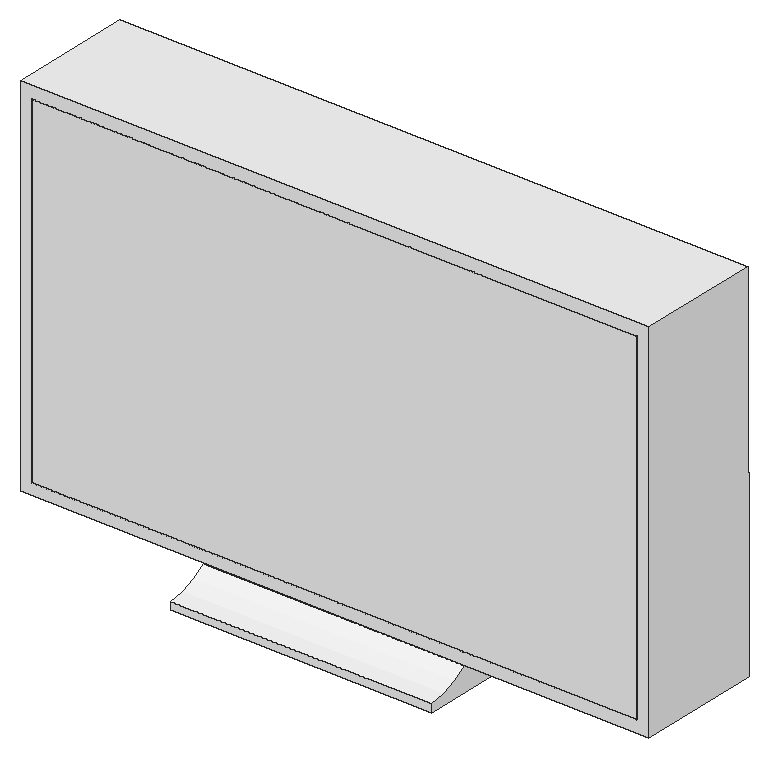
Revit family "RME-Ceiling", category Lighting Fixtures, host Face, Revit 2021
Family settings
  Host = Face
  Round Connector Dimension = Use Diameter
  Part Type = Normal
  OmniClass Number = 23.80.70.11.21
  OmniClass Title = Emergency Lighting
  Cut with Voids When Loaded = No
  Light Source = Yes
  Shared = No
  Room Calculation Point = No
Parameters (values of type "RMEUWE-SD")
  Watts = 3.6 W
  Wattage Comments = ""
  Wattage = 3.6 W
  built-in parameter 1150110 = 1 (stored number, unit not read)
  Voltage = if(Is 120VAC, 120 V, 277 V)  # 120 V
  URL = "https://www.currentlighting.com/compass"
  built-in parameter 1114217 = 1 (stored number, unit not read)
  Tilt Angle = -90.00°
  built-in parameter 1150109 = 1 (stored number, unit not read)
  built-in parameter 1150134 = 3
  built-in parameter 1150113 = 1 (stored number, unit not read)
  Single Face [instance] = yes
  Product Page URL = ""
  Product Documentation Link = ""
  Photometric Web File = "generic"
  Panel Face Option [instance] = Face : Arrow
  built-in parameter 1150142 = (empty or 0)
  Model = "RME"  # constant formula
  Manufacturer = "Compass Products"  # constant formula
  built-in parameter 1150105 = 42.554 (stored number, unit not read)
  Lumens = 534.751 lm
  built-in parameter 1150115 = 1 (stored number, unit not read)
  Load Classification = Lighting
  built-in parameter 1150137 = (empty or 0)
  built-in parameter 1150139 = (empty or 0)
  Lens = Green Glass
  built-in parameter 1150112 = 1 (stored number, unit not read)
  built-in parameter 1150114 = 1 (stored number, unit not read)
  Lamp = "LED Lamp"  # constant formula
  Is 277VAC = not(Is 120VAC)  # no
  Is 120VAC = yes
  built-in parameter 1150132 = (empty or 0)
  built-in parameter 1150102 = (empty or 0)
  built-in parameter 1150107 = 3200 (stored number, unit not read)
  built-in parameter 1150138 = (empty or 0)
  built-in parameter 1150106 = 0.42554 (stored number, unit not read)
  Finish = White
  Emit from Rectangle Width = 6.000"  # constant formula
  Emit from Rectangle Length = 11.000"  # constant formula
  Emit Shape Visible in Rendering = no
  built-in parameter 1150104 = 13.8 (stored number, unit not read)
  Double Face [instance] = not(Single Face)  # no
  Dimming Lamp Color Temperature Shift = <None>
  Description = "Running Man Exit Sign"  # constant formula
  Default Elevation = 48.000"
  Color Filter = 16777215
  built-in parameter 1114218 = 1 (stored number, unit not read)
  built-in parameter 1150133 = 10 (stored number, unit not read)
  Apparent Load = Watts  # 3.6 VA
Types (3): name | Watts | Wattage | Single Face | Panel Face Option | built-in parameter 1150105 | Lumens | built-in parameter 1150106 | Double Face | Apparent Load
  RMEUW | 2.6 W | 2.6 W | no | Face : Blank | 30.734 (stored number, unit not read) | 386.209 lm | 0.30734 (stored number, unit not read) | yes | 2.6 VA
  RMEUWE | 2.2 W | 2.2 W | yes | Face : Arrow | 26.005 (stored number, unit not read) | 326.792 lm | 0.26005 (stored number, unit not read) | no | 2.2 VA
  RMEUWE-SD | 3.6 W | 3.6 W | yes | Face : Arrow | 42.554 (stored number, unit not read) | 534.751 lm | 0.42554 (stored number, unit not read) | no | 3.6 VA
Reference planes (in)
  plane 1 "Center (Front/Back)": y = 0
  plane 2: z = 0
  plane 3 "Center (Left/Right)": x = 0
  plane 4: z = 8.25
  plane 5: z = 0.5
  plane 6: x = -6.625
  plane 7: x = 6.625
  plane 8: y = 2.18
  plane 9: y = -2.18
  plane 10: z = 4.375
  plane 11: x = 2.75
  plane 12: x = -2.75
  plane 13: y = 1.31
  plane 14: y = -1.31
  plane 15: y = 1.185
  plane 16: y = -1.185
Forms (in)
  Extrusion 1, solid, material "White" <- "Finish"
    sketch origin (0, 0, 0) x (0, 1, 0) y (0, 0, 1)
      loop
        line (2.18, 0) -> (2.18, 0.1608)
        arc (2.18, 0.1608) -> (1.71991, 0.26606) -> (1.31, 0.5) r 1.61279
        line (1.31, 0.5) -> (-1.31, 0.5)
        arc (-1.31, 0.5) -> (-1.71991, 0.26606) -> (-2.18, 0.1608) r 1.61279
        line (-2.18, 0.1608) -> (-2.18, 0) -> (2.18, 0)
    from -2.75 to 2.75
  Extrusion 2, solid, material "White" <- "Finish"
    sketch origin (0, 0, 0) x (1, 0, 0) y (0, 0, 1)
      loop
        line (-6.625, 8.25) -> (-6.625, 0.5) -> (6.625, 0.5) -> (6.625, 8.25) -> (-6.625, 8.25)
      loop
        line (-6.375, 0.75) -> (6.375, 0.75) -> (6.375, 8) -> (-6.375, 8) -> (-6.375, 0.75)
    from -1.31 to 1.31
  Extrusion 3, solid, material "Green Glass" <- "Lens"
    sketch origin (0, 0, 0) x (1, 0, 0) y (0, 0, 1)
      loop
        line (-6.5, 8.125) -> (-6.5, 0.625) -> (6.5, 0.625) -> (6.5, 8.125) -> (-6.5, 8.125)
    from -1.185 to 1.185
  Extrusion 4, solid, material "White" <- "Finish", visible <- "Single Face"
    sketch origin (0, 0, 0) x (1, 0, 0) y (0, 0, 1)
      loop
        line (-6.375, 8) -> (-6.375, 0.75) -> (6.375, 0.75) -> (6.375, 8) -> (-6.375, 8)
    from 1.185 to 1.31
Lines and regions (in)
  reference lines
    curve 1: arc (0, 2.15, 0.25774) -> (0, 1.30198, 0.45316) -> (0, 0.625, 1) r 1.93772
    curve 2: arc (0, -0.625, 1) -> (0, -1.30198, 0.45316) -> (0, -2.15, 0.25774) r 1.93772
Dimensions and locks (in)
  equal spacing: plane 7, plane 3 "Center (Left/Right)", plane 6, locked at 6.625 each
  equal spacing: plane 12, plane 3 "Center (Left/Right)", plane 11
  locked: plane 12 to plane 11 at 5.5
  equal spacing: plane 8, plane 1 "Center (Front/Back)", plane 9, locked at 2.18 each
  locked: plane 5 to plane 2 at 0.5
  equal spacing: plane 13, plane 1 "Center (Front/Back)", plane 14, locked at 1.31 each
  locked: plane 4 to plane 5 at 7.75
  locked: plane 13 to plane 15 at 0.125
  locked: plane 16 to plane 14 at 0.125
  equal spacing: plane 4, plane 10, plane 5, locked at 3.875 each
  aligned and locked: plane 2 to host face
  aligned and locked: level to host face
  aligned and locked: plane 8 to Extrusion 1 sketch curve
  aligned and locked: Extrusion 1 sketch curve to plane 9
  aligned and locked: Extrusion 1 sketch curve to plane 2
  aligned and locked: plane 1 "Center (Front/Back)" to imposter light
  aligned and locked: plane 3 "Center (Left/Right)" to imposter light
  aligned and locked: Extrusion 2 sketch curve to plane 4
  aligned and locked: plane 6 to Extrusion 2 sketch curve
  aligned and locked: plane 5 to Extrusion 2 sketch curve
  aligned and locked: Extrusion 2 sketch curve to plane 7
  aligned and locked: Extrusion 2 to plane 13
  aligned and locked: Extrusion 3 to plane 15
  aligned and locked: Extrusion 3 to plane 16
  aligned and locked: nested 1 to plane 3 "Center (Left/Right)"
  aligned and locked: Extrusion 2 to plane 14
  aligned and locked: nested 1 to Extrusion 2
  aligned and locked: nested 2 to Extrusion 2
  aligned and locked: nested 2 to plane 3 "Center (Left/Right)"
  aligned and locked: Extrusion 4 sketch curve to Extrusion 2  (x4)
  aligned and locked: Extrusion 4 to plane 14
  aligned and locked: Extrusion 4 to Extrusion 3
  aligned and locked: plane 10 to imposter light
Automatic sketch dimensions
  host sketch curve to host sketch curve = 96.000"  (x2)
  Extrusion 1 sketch curve to plane 5 = 0.000"
  Extrusion 1 sketch curve to plane 14 = 0.000"
  Extrusion 1 sketch curve to plane 13 = 0.000"
  plane 9 to Extrusion 1 sketch curve = 0.12577"
  Extrusion 1 sketch curve to plane 8 = 0.12577"
  level to Extrusion 1 sketch curve = 0.1608"
  Extrusion 1 sketch curve to Extrusion 1 sketch curve = 0.1608"
  plane 6 to Extrusion 2 sketch curve = 0.250"
  Extrusion 2 sketch curve to plane 4 = 0.250"
  plane 5 to Extrusion 2 sketch curve = 0.250"
  Extrusion 2 sketch curve to plane 7 = 0.250"
  plane 6 to Extrusion 3 sketch curve = 0.125"
  Extrusion 3 sketch curve to plane 7 = 0.125"
  plane 5 to Extrusion 3 sketch curve = 0.125"
  Extrusion 3 sketch curve to plane 4 = 0.125"
Nested families (in)
  nested 1: "Face" at (0, -1.185, 4.375) x (-1, 0, 0) z (0, -1, 0), type <- "Panel Face Option", Finish <- "Finish", visible <- "Double Face", type "Arrow"
    with Finish White
  nested 2: "Face" at (0, 1.31, 4.375) x (-1, 0, 0) z (0, -1, 0), type <- "Panel Face Option", type "Arrow"
    with Finish White
Connectors (in)
  electrical at (0, 0, 0), driven by "Voltage", driven by "Apparent Load", driven by "Load Classification"
    settings: on Extrusion 1, index 1, voltage 120 V, apparent load 3.6 VA, apparent load phase1 0 VA, apparent load phase2 0 VA, apparent load phase3 0 VA, power factor 1, load classification "Lighting", number of poles 1, system type 30, power factor state 1, is connector primary yes, connector utility no, sub classification motor no, connector description "Lighting Connector"
Definition of nested family "Face"
  Parameters
    zz YesNo 2 = yes
    zz YesNo 1 = yes
    Finish [instance] = none
    Default Elevation = 48.000"
  Reference planes (in)
    plane 1 "Center (Front/Back)": y = 0
    plane 2: z = 0
    plane 3 "Center (Left/Right)": x = 0
    plane 4: x = -6.625
    plane 5: x = 6.625
    plane 6: y = 3.875
    plane 7: y = -3.875
  Forms (in)
    Extrusion 1, solid
      sketch origin (0, 0, 0) x (1, 0, 0) y (0, 1, 0)
        loop
          line (-48, 48) -> (-48, -48) -> (48, -48) -> (48, 48) -> (-48, 48)
      from 0 to -12
    Extrusion 2, solid, material <- "Finish", visible <- "zz YesNo 1"
      sketch origin (0, 0, 0) x (1, 0, 0) y (0, 1, 0)
        loop
          line (-5.68701, 3.16612) -> (-5.68701, -3.16612) -> (5.68701, -3.16612) -> (5.68701, 3.16612) -> (-5.68701, 3.16612)
        loop
          line (-6.375, -3.625) -> (6.375, -3.625) -> (6.375, 3.625) -> (-6.375, 3.625) -> (-6.375, -3.625)
        loop
          line (-1.83928, 2.89902) -> (-1.83928, -0.95929)
          arc (-1.83928, -0.95929) -> (-2.30406, -1.25301) -> (-2.46688, -1.77816) r 0.79456
          line (-2.46688, -1.77816) -> (-1.83928, -1.77816) -> (-1.83928, -2.6125) -> (-2.1703, -2.94351) -> (0.3297, -2.94351) -> (0.64822, -2.62499) -> (1.13408, -2.62499) -> (0.81556, -2.94351) -> (1.48493, -2.94351) -> (1.83928, -2.58916) -> (1.83928, 0.11139) -> (1.07439, 0.11139)
          arc (1.07439, 0.11139) -> (0.97962, 0.13946) -> (0.91542, 0.21462) r 0.17402
          line (0.91542, 0.21462) -> (0.75496, 0.57502)
          arc (0.75496, 0.57502) -> (0.6769, 0.6257) -> (0.59887, 0.57498) r 0.08542
          line (0.59887, 0.57498) -> (0.31916, -0.05431)
          arc (0.31916, -0.05431) -> (0.28476, -0.21652) -> (0.31926, -0.37871) r 0.39905
          line (0.31926, -0.37871) -> (1.19724, -2.35068) -> (0.75585, -2.35068) -> (-0.11784, -0.38836)
          arc (-0.11784, -0.38836) -> (-0.18345, -0.35199) -> (-0.2365, -0.40504) r 0.06233
          line (-0.2365, -0.40504) -> (-0.38083, -1.43202)
          arc (-0.38083, -1.43202) -> (-0.47882, -1.61249) -> (-0.67116, -1.68441) r 0.29319
          line (-0.67116, -1.68441) -> (-2.34096, -1.68441)
          arc (-2.34096, -1.68441) -> (-2.18593, -1.30548) -> (-1.83928, -1.08765) r 0.66956
          line (-1.83928, -1.08765) -> (-0.78019, -1.08765) -> (-0.67094, 0.1611) -> (-0.32821, 0.93214) -> (-0.80274, 0.93214) -> (-1.17113, 0.31902)
          arc (-1.17113, 0.31902) -> (-1.41996, 0.25698) -> (-1.482, 0.50581) r 0.18133
          line (-1.482, 0.50581) -> (-1.03595, 1.24817)
          arc (-1.03595, 1.24817) -> (-0.94477, 1.33699) -> (-0.82166, 1.36941) r 0.25
          line (-0.82166, 1.36941) -> (0.48081, 1.36941)
          arc (0.48081, 1.36941) -> (0.61347, 1.33633) -> (0.71508, 1.24484) r 0.28258
          line (0.71508, 1.24484) -> (1.21428, 0.50474) -> (1.83928, 0.50474) -> (1.83928, 2.89902) -> (-1.83928, 2.89902)
        loop
          circle (0.47021, 1.96619) r 0.39413
      from 0 to 0.125
    Extrusion 3, solid, material <- "Finish", visible <- "zz YesNo 2"
      sketch origin (0, 0, 0) x (1, 0, 0) y (0, 1, 0)
        loop
          line (2.50696, 0.32726) -> (2.50696, -0.32726) -> (4.55637, -0.32726) -> (3.8321, -1.05153) -> (4.07353, -1.29295) -> (5.36648, 0) -> (4.07353, 1.29295) -> (3.8321, 1.05153) -> (4.55637, 0.32726) -> (2.50696, 0.32726)
      from 0 to 0.125
  Dimensions and locks (in)
    equal spacing: plane 4, plane 3 "Center (Left/Right)", plane 5
    equal spacing: plane 6, plane 1 "Center (Front/Back)", plane 7
    locked: plane 6 to plane 1 "Center (Front/Back)" at 3.875
    aligned and locked: plane 2 to Extrusion 1
    aligned and locked: level to Extrusion 1
  Automatic sketch dimensions
    Extrusion 1 sketch curve to Extrusion 1 sketch curve = 96.000"  (x2)
    plane 1 "Center (Front/Back)" to Extrusion 3 sketch curve = 0.000"
    plane 1 "Center (Front/Back)" to Extrusion 3 sketch curve = 0.32726"
    plane 3 "Center (Left/Right)" to Extrusion 3 sketch curve = 2.50696"
    Extrusion 3 sketch curve to plane 1 "Center (Front/Back)" = 1.05153"
    Extrusion 3 sketch curve to Extrusion 3 sketch curve = 1.32514"  (x2)
    plane 1 "Center (Front/Back)" to Extrusion 3 sketch curve = 1.05153"
    Extrusion 3 sketch curve to plane 1 "Center (Front/Back)" = 1.29295"
    Extrusion 3 sketch curve to Extrusion 3 sketch curve = 0.24142"
    Extrusion 3 sketch curve to plane 1 "Center (Front/Back)" = 0.32726"
    Extrusion 2 sketch curve to Extrusion 2 sketch curve = 0.000"  (x4)
    plane 4 to Extrusion 2 sketch curve = 0.250"
    Extrusion 2 sketch curve to Extrusion 2 sketch curve = 0.68799"
    Extrusion 2 sketch curve to plane 3 "Center (Left/Right)" = 2.46688"
    Extrusion 2 sketch curve to Extrusion 2 sketch curve = 0.12592"
    Extrusion 2 sketch curve to Extrusion 2 sketch curve = 0.29658"
    Extrusion 2 sketch curve to Extrusion 2 sketch curve = 0.50168"
    Extrusion 2 sketch curve to Extrusion 2 sketch curve = 0.33102"  (x2)
    Extrusion 2 sketch curve to Extrusion 2 sketch curve = 0.16586"
    Extrusion 2 sketch curve to plane 1 "Center (Front/Back)" = 0.50581"
    Extrusion 2 sketch curve to plane 3 "Center (Left/Right)" = 1.482"
    Extrusion 2 sketch curve to Extrusion 2 sketch curve = 0.15543"  (x2)
    Extrusion 2 sketch curve to Extrusion 2 sketch curve = 0.44605"
    Extrusion 2 sketch curve to Extrusion 2 sketch curve = 0.21429"
    Extrusion 2 sketch curve to Extrusion 2 sketch curve = 0.01892"
    Extrusion 2 sketch curve to plane 3 "Center (Left/Right)" = 0.78019"
    Extrusion 2 sketch curve to Extrusion 2 sketch curve = 0.10902"
    Extrusion 2 sketch curve to plane 1 "Center (Front/Back)" = 0.1611"
    Extrusion 2 sketch curve to Extrusion 2 sketch curve = 0.5002"
    Extrusion 2 sketch curve to Extrusion 2 sketch curve = 0.29033"
    Extrusion 2 sketch curve to plane 3 "Center (Left/Right)" = 0.32821"
    Extrusion 2 sketch curve to plane 3 "Center (Left/Right)" = 0.2365"
    Extrusion 2 sketch curve to Extrusion 2 sketch curve = 0.06172"
    Extrusion 2 sketch curve to Extrusion 2 sketch curve = 0.05694"
    plane 1 "Center (Front/Back)" to Extrusion 2 sketch curve = 0.05431"
    plane 3 "Center (Left/Right)" to Extrusion 2 sketch curve = 0.31916"
    plane 3 "Center (Left/Right)" to Extrusion 2 sketch curve = 0.31926"
    plane 3 "Center (Left/Right)" to Extrusion 2 sketch curve = 0.3297"
    plane 3 "Center (Left/Right)" to Extrusion 2 sketch curve = 0.47021"
    plane 3 "Center (Left/Right)" to Extrusion 2 sketch curve = 0.48081"
    Extrusion 2 sketch curve to Extrusion 2 sketch curve = 0.11807"
    Extrusion 2 sketch curve to Extrusion 2 sketch curve = 0.31853"  (x2)
    Extrusion 2 sketch curve to Extrusion 2 sketch curve = 0.07805"
    Extrusion 2 sketch curve to Extrusion 2 sketch curve = 0.36455"
    Extrusion 2 sketch curve to Extrusion 2 sketch curve = 0.23427"
    Extrusion 2 sketch curve to plane 1 "Center (Front/Back)" = 0.57502"
    Extrusion 2 sketch curve to Extrusion 2 sketch curve = 0.07803"
    Extrusion 2 sketch curve to Extrusion 2 sketch curve = 0.10762"
    Extrusion 2 sketch curve to Extrusion 2 sketch curve = 0.16734"
    Extrusion 2 sketch curve to plane 1 "Center (Front/Back)" = 0.21462"
    Extrusion 2 sketch curve to Extrusion 2 sketch curve = 0.16046"
    Extrusion 2 sketch curve to plane 1 "Center (Front/Back)" = 0.11139"
    Extrusion 2 sketch curve to Extrusion 2 sketch curve = 0.15897"
    Extrusion 2 sketch curve to Extrusion 2 sketch curve = 0.06315"
    Extrusion 2 sketch curve to Extrusion 2 sketch curve = 0.13989"
    Extrusion 2 sketch curve to Extrusion 2 sketch curve = 0.35085"
    Extrusion 2 sketch curve to Extrusion 2 sketch curve = 0.35435"  (x2)
    plane 5 to Extrusion 2 sketch curve = 0.93799"
    plane 5 to Extrusion 2 sketch curve = 0.250"
    plane 1 "Center (Front/Back)" to Extrusion 2 sketch curve = 0.2164"
    plane 1 "Center (Front/Back)" to Extrusion 2 sketch curve = 0.38836"
    Extrusion 2 sketch curve to Extrusion 2 sketch curve = 0.01668"
    plane 1 "Center (Front/Back)" to Extrusion 2 sketch curve = 0.95929"
    Extrusion 2 sketch curve to Extrusion 2 sketch curve = 0.12836"
    Extrusion 2 sketch curve to Extrusion 2 sketch curve = 0.30356"
    Extrusion 2 sketch curve to Extrusion 2 sketch curve = 0.0408"
    Extrusion 2 sketch curve to Extrusion 2 sketch curve = 0.91866"
    Extrusion 2 sketch curve to Extrusion 2 sketch curve = 0.83434"
    Extrusion 2 sketch curve to Extrusion 2 sketch curve = 0.2743"
    Extrusion 2 sketch curve to Extrusion 2 sketch curve = 0.23848"
    plane 7 to Extrusion 2 sketch curve = 0.70888"
    plane 7 to Extrusion 2 sketch curve = 0.250"
    Extrusion 2 sketch curve to plane 1 "Center (Front/Back)" = 0.31902"
    Extrusion 2 sketch curve to Extrusion 2 sketch curve = 0.03474"
    Extrusion 2 sketch curve to Extrusion 2 sketch curve = 0.61311"
    Extrusion 2 sketch curve to Extrusion 2 sketch curve = 0.51185"
    Extrusion 2 sketch curve to Extrusion 2 sketch curve = 0.18727"
    Extrusion 2 sketch curve to Extrusion 2 sketch curve = 0.15801"
    Extrusion 2 sketch curve to Extrusion 2 sketch curve = 0.59678"
    Extrusion 2 sketch curve to plane 6 = 0.97598"
    Extrusion 2 sketch curve to plane 6 = 0.70888"
    Extrusion 2 sketch curve to plane 6 = 0.250"
    Extrusion 2 sketch curve to Extrusion 2 sketch curve = 0.39335"
    radius of Extrusion 2 sketch curve = 0.39413"
